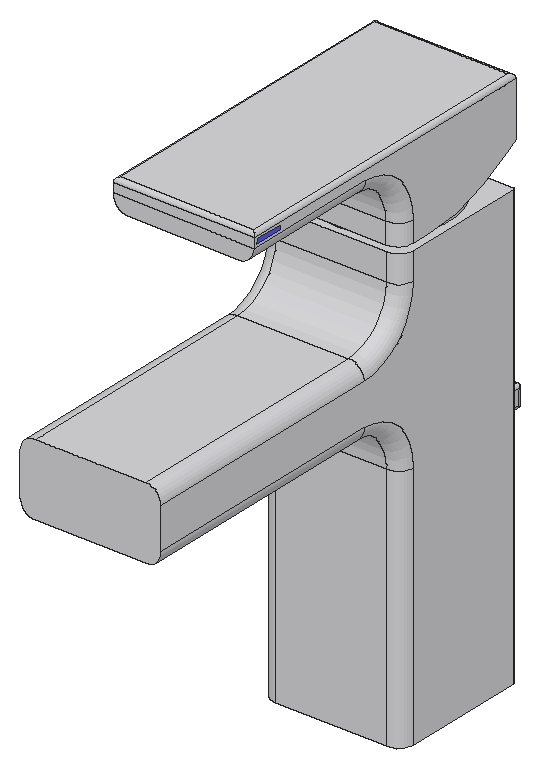
Revit family "Faucet-Lavatory-KOHLER-Strayt-K-37327M", category Plumbing Fixtures, host Face, Revit 2017
Family settings
  Host = Face
  Round Connector Dimension = Use Diameter
  Part Type = Normal
  OmniClass Number = 23.31.11.00
  Cut with Voids When Loaded = No
  Shared = No
  Room Calculation Point = No
Parameters (values of type "CP-Polished Chrome")
  Width = 1.81102"  # constant formula
  WaterSense Certified = 1 = 0  # no
  Waste Water Outlet = "Waste Water Outlet"  # constant formula
  Waste Connection = 1 = 0  # no
  Vent Connection = 1 = 0  # no
  URL = "https://la.kohler.com/es?country=MX"
  Type = 1
  Spout Reach = Length  # 4.01575"
  Product Page URL = "https://la.kohler.com/es/product-detail/37327m-4?skuid=K-37327M-4-CP"
  Product Name = "Strayt"  # constant formula
  Product Documentation Link = "http://resources.kohler.com/plumbing/kohlerla/pdf/37327T-4%20STRAYT%20Spec%20Sheet.pdf"
  Pressure = 0.00 psi
  Model = "K-37327M-4-CP"  # constant formula
  Material = "Solid Brass Construction"  # constant formula
  Master Format 2014 Name = "Residential Faucets, Supplies, and Trim"  # constant formula
  Master Format 2014 = "22 41 39"  # constant formula
  Manufacturer Address = "KOHLER Co. 444 Highland Dr. Kohler, WI 53044"  # constant formula
  Manufacturer = "KOHLER Co."  # constant formula
  Length = 4.01575"  # constant formula
  Hot Water Inlet = "Hot Water Inlet"  # constant formula
  Height = 7.00787"  # constant formula
  Handle Clearance = 3.2689"  # constant formula
  HW Connection = 1 = 1  # yes
  Flow Rate = 2.38 GPM  # constant formula
  Finish = Kohler-Metal-CP-Polished_Chrome
  Faucet Hole Spacing = 0"
  Environmental Product Declaration = ""
  Drain Included = 1 = 1  # yes
  Description = "Strayt single lever basin mixer"  # constant formula
  Default Elevation = 36"
  Declare Label = ""
  Date Modified = "09/15/2020"  # constant formula
  Date Created = "09/15/2020"  # constant formula
  Copyright = "Copyright KOHLER Co."  # constant formula
  Contact Us = "https://la.kohler.com/es/contact-us-page"
  Cold Water Inlet = "Cold Water Inlet"  # constant formula
  CW Connection = 1 = 1  # yes
  Assembly Code = "D2010"
  ADA Compliant = 1 = 0  # no
Reference planes (in)
  plane 1 "Center (Front/Back)": y = 0
  plane 2: z = 0
  plane 3 "Center (Left/Right)": x = 0
  plane 4: y = -0.90551
  plane 5: y = 0.90551
  plane 6: y = -4.76563
  plane 7: z = 3.8189
  plane 8: y = -4.01575
  plane 9: y = -3.2689
  plane 10: z = 7.00787
  plane 11: x = -0.90551
  plane 12: x = 0.90551
  plane 13: x = -0.90551
  plane 14: x = 0.39453
  plane 15: x = -0.39453
Dimensions and locks (in)
  locked: plane 7 to level at 3.8189
  "Height": plane 10 to level
  "Length": plane 8 to plane 1 "Center (Front/Back)"
  "Handle Clearance": plane 9 to plane 1 "Center (Front/Back)"
  locked: plane 6 to plane 1 "Center (Front/Back)" at 4.76562
  "Width": plane 13 to plane 12
  aligned and locked: plane 2 to host face
  aligned and locked: level to host face
  aligned and locked: plane 3 "Center (Left/Right)" to nested 1
  aligned and locked: plane 1 "Center (Front/Back)" to nested 1
  aligned and locked: plane 4 to nested 1
  aligned and locked: plane 5 to nested 1
  aligned and locked: plane 6 to nested 1
  aligned and locked: plane 7 to nested 1
  aligned and locked: plane 8 to nested 1
  aligned and locked: plane 9 to nested 1
  aligned and locked: plane 10 to nested 1
  aligned and locked: plane 11 to nested 1
  aligned and locked: plane 12 to nested 1
  aligned and locked: plane 11 to plane 13
  aligned and locked: plane 14 to nested 1
  aligned and locked: plane 15 to nested 1
Automatic sketch dimensions
  host sketch curve to host sketch curve = 96"  (x2)
Nested families (in)
  nested 1: "K-37327M" at (0, 0, 0), type "K-37327M"
Connectors (in)
  piping at (-0.39453, 0, 0), diameter 0.5, driven by "Flow Rate", driven by "HW Connection", driven by "Hot Water Inlet"
    settings: on nested 1, index 1, connector inside diameter 24", connector length 0", flow factor 0, pipe flow 2.38 GPM, pressure drop 0.00 psi, fitting loss kfactor 0, connector angle 0.00°, fixture units 0, engagement length 0", angle of deflection 0.00°, flow configuration 0, flow direction 1, fitting loss method 0, system type 19, joint type 0, gender type 0, connector reference index -1, connector utility 1, adjustable connector no, is connector primary yes, connector description "Hot Water Inlet"
  piping at (0.39453, 0, 0), diameter 0.5, driven by "CW Connection", driven by "Cold Water Inlet", driven by "Flow Rate"
    settings: on nested 1, index 2, connector inside diameter 24", connector length 0", flow factor 0, pipe flow 2.38 GPM, pressure drop 0.00 psi, fitting loss kfactor 0, connector angle 0.00°, fixture units 0, engagement length 0", angle of deflection 0.00°, flow configuration 0, flow direction 1, fitting loss method 0, system type 20, joint type 0, gender type 0, connector reference index -1, connector utility 1, adjustable connector no, is connector primary no, connector description "Cold Water Inlet"
Definition of nested family "K-37327M"
  Parameters (values of type "K-37327M")
    Material = none
  Reference planes (in)
    plane 1 "Center (Front/Back)": y = 0
    plane 2: z = 0
    plane 3 "Center (Left/Right)": x = 0
    plane 4: y = -4.76563
    plane 5: z = 7.00787
    plane 6: z = 3.8189
    plane 7: y = -4.01575
    plane 8: x = -0.39453
    plane 9: x = 0.39453
    plane 10: y = -3.26879
    plane 11: x = -0.90551
    plane 12: x = 0.90551
    plane 13: y = 0.90551
    plane 14: y = -0.90551
  Forms (in)
    Sweep 1, solid, material <- "Material", detail levels medium+fine
      path origin (0, 0, 0) x (0, 1, 0) y (0, 0, 1)
        loop
          line (0, 0) -> (0, 5.68504)
      profile origin (0, 0, 0) x (0, -1, 0) y (1, 0, 0)
        loop
          line (0.70861, -0.90551) -> (0.70861, 0.90551) -> (-0.88456, 0.90551)
          arc (-0.88456, 0.90551) -> (-0.89937, 0.89937) -> (-0.90551, 0.88456) r 0.02095
          line (-0.90551, 0.88456) -> (-0.90551, -0.88411)
          arc (-0.90551, -0.88411) -> (-0.89924, -0.89924) -> (-0.88411, -0.90551) r 0.0214
          line (-0.88411, -0.90551) -> (0.70861, -0.90551)
    Extrusion 2, solid, material <- "Material", detail levels medium+fine
      sketch origin (0, 0, 0) x (1, 0, 0) y (0, 0, 1)
        loop
          line (-0.90551, 4.52756) -> (-0.90551, 3.99606) -> (0.90551, 3.99606) -> (0.90551, 4.52756) -> (-0.90551, 4.52756)
      from 0 to 4.76563
    Sweep 3, solid, material <- "Material", detail levels medium+fine
      path origin (0, 0, 0) x (0, 1, 0) y (0, 0, 1)
        loop
          line (-4.76563, 3.99606) -> (-1.51589, 3.99606)
          arc (-1.51589, 3.99606) -> (-0.94506, 3.75962) -> (-0.70861, 3.18879) r 0.80727
          line (-0.70861, 3.18879) -> (-0.70861, 0)
      profile origin (0, -4.76563, 3.99606) x (0, 0, 1) y (1, 0, 0)
        loop
          arc (0, 0.90551) -> (-0.13919, 0.84786) -> (-0.19685, 0.70866) r 0.19685
          line (-0.19685, 0.70866) -> (-0.19685, -0.70866)
          arc (-0.19685, -0.70866) -> (-0.13919, -0.84786) -> (0, -0.90551) r 0.19685
          line (0, -0.90551) -> (0, 0.90551)
    Extrusion 4, solid, material <- "Material", detail levels medium+fine
      sketch origin (0, 0, 0) x (0, 1, 0) y (0, 0, 1)
        loop
          arc (-1.51589, 3.99606) -> (-0.94506, 3.75962) -> (-0.70861, 3.18879) r 0.80727
          line (-0.70861, 3.18879) -> (-0.70861, 3.99606) -> (-1.51589, 3.99606)
      from -0.90551 to 0.90551
    Sweep 5, solid, material <- "Material", detail levels medium+fine
      path origin (0, 0, 0) x (0, 1, 0) y (0, 0, 1)
        loop
          line (-0.70861, 5.68504) -> (-0.70861, 5.33521)
          arc (-0.70861, 5.33521) -> (-0.94517, 4.76412) -> (-1.51627, 4.52756) r 0.80765
          line (-1.51627, 4.52756) -> (-4.76563, 4.52756)
      profile origin (0, -4.76563, 4.52756) x (0, 0, -1) y (1, 0, 0)
        loop
          arc (0, 0.90551) -> (-0.13919, 0.84786) -> (-0.19685, 0.70866) r 0.19685
          line (-0.19685, 0.70866) -> (-0.19685, -0.70866)
          arc (-0.19685, -0.70866) -> (-0.13919, -0.84786) -> (0, -0.90551) r 0.19685
          line (0, -0.90551) -> (0, 0.90551)
    Extrusion 6, solid, material <- "Material", detail levels medium+fine
      sketch origin (0, 0, 0) x (0, 1, 0) y (0, 0, 1)
        loop
          arc (-0.70861, 5.33521) -> (-0.94517, 4.76412) -> (-1.51627, 4.52756) r 0.80765
          line (-1.51627, 4.52756) -> (-0.70861, 4.52756) -> (-0.70861, 5.33521)
      from -0.90551 to 0.90551
    Revolve 7, solid, material <- "Material", detail levels medium+fine
      sketch origin (0, 0, 0) x (0, 1, 0) y (0, 0, 1)
        loop
          line (0.00002, 5.68504) -> (0.80733, 5.68504) -> (0.80733, 5.76676)
          arc (0.80733, 5.76676) -> (0.782, 5.9592) -> (0.70772, 6.13852) r 0.74351
          line (0.70772, 6.13852) -> (0.00002, 6.13852) -> (0.00002, 5.68504)
        axis (0.00002, 5.68504) -> (0.00002, 6.13852)
      angle from 0 to 360
    Extrusion 8, solid, material <- "Material", detail levels medium+fine
      sketch origin (0, 0, 0) x (0, 1, 0) y (0, 0, 1)
        loop
          line (-3.26775, 6.94849) -> (-3.26879, 6.82976) -> (-1.49958, 6.82976)
          arc (-1.49958, 6.82976) -> (-0.94331, 6.59934) -> (-0.7129, 6.04307) r 0.78668
          line (-0.7129, 6.04307) -> (-0.7129, 5.77165) -> (-0.51181, 5.77165)
          arc (-0.51181, 5.77165) -> (0.17961, 5.87391) -> (0.81287, 6.16971) r 2.41721
          arc (0.81287, 6.16971) -> (0.86903, 6.20553) -> (0.92328, 6.24418) r 1.30364
          line (0.92328, 6.24418) -> (0.91726, 6.94849) -> (-3.26775, 6.94849)
      from -0.90551 to 0.90551
    Sweep 9, solid, material <- "Material", detail levels medium+fine
      path origin (0, 0, 0) x (0, 1, 0) y (0, 0, 1)
        loop
          line (-3.26879, 6.82976) -> (-1.49958, 6.82976)
          arc (-1.49958, 6.82976) -> (-0.94331, 6.59934) -> (-0.7129, 6.04307) r 0.78668
          line (-0.7129, 6.04307) -> (-0.7129, 5.77165)
      profile origin (0, -3.26879, 6.82976) x (0, 0, 1) y (1, 0, 0)
        loop
          arc (0, 0.90551) -> (-0.13853, 0.84611) -> (-0.19847, 0.70781) r 0.20403
          arc (-0.19847, 0.70781) -> (-0.20938, -0.00406) -> (-0.19847, -0.71592) r 23.23199
          arc (-0.19847, -0.71592) -> (-0.13807, -0.85137) -> (0, -0.90551) r 0.19561
          line (0, -0.90551) -> (0, 0.90551)
    Revolve 10, void
      sketch origin (0, 0, 0) x (0, 1, 0) y (0, 0, 1)
        loop
          line (1.25045, 2.51754) -> (0.33972, 0.372) -> (0.44665, 0.372) -> (1.34105, 2.47908) -> (1.25045, 2.51754)
        axis (1.25045, 2.51754) -> (0.33972, 0.372)
      angle from 0 to 360
    Revolve 11, solid, material <- "Material", detail levels medium+fine
      sketch origin (0, 0, 0) x (0, 1, 0) y (0, 0, 1)
        loop
          line (1.12119, 2.21301) -> (0.43741, 0.60212) -> (0.50087, 0.57519) -> (1.18465, 2.18607) -> (1.12119, 2.21301)
        axis (1.12119, 2.21301) -> (0.43741, 0.60212)
      angle from 0 to 360
    Extrusion 12, solid, material <- "Material", detail levels medium+fine
      sketch origin (0, 0, 0) x (0, 1, 0) y (0, 0, 1)
        loop
          line (1.205, 2.66236) -> (1.04597, 2.28771) -> (1.22717, 2.21079) -> (1.31492, 2.41752)
          arc (1.31492, 2.41752) -> (1.34395, 2.45243) -> (1.38743, 2.46551) r 0.07877
          line (1.38743, 2.46551) -> (1.92697, 2.46551) -> (1.92697, 2.66236) -> (1.205, 2.66236)
      from -0.1378 to 0.1378
    Sweep 13, solid, material <- "Material", detail levels medium+fine
      path origin (0, 0, 0) x (0, 1, 0) y (0, 0, 1)
        loop
          line (1.92697, 2.46551) -> (1.92697, 2.66236) -> (1.205, 2.66236) -> (1.04597, 2.28771) -> (1.22717, 2.21079) -> (1.31492, 2.41752)
          arc (1.31492, 2.41752) -> (1.34395, 2.45243) -> (1.38743, 2.46551) r 0.07877
          line (1.38743, 2.46551) -> (1.92697, 2.46551)
      profile origin (0, 1.92697, 2.66236) x (0, 0, -1) y (1, 0, 0)
        loop
          line (-0.03937, 0.09843) -> (-0.03937, -0.09843)
          arc (-0.03937, -0.09843) -> (-0.02784, -0.12626) -> (0, -0.1378) r 0.03937
          line (0, -0.1378) -> (0, 0.1378)
          arc (0, 0.1378) -> (-0.02784, 0.12626) -> (-0.03937, 0.09843) r 0.03937
    Extrusion 14, solid, detail levels medium+fine
      sketch origin (0, 0, 0) x (0, 1, 0) y (0, 0, 1)
        loop
          line (-2.86801, 6.91741) -> (-3.22556, 6.91741) -> (-3.22556, 6.86525) -> (-2.86801, 6.86525) -> (-2.86801, 6.91741)
      from -0.90551 to -0.78941
    Extrusion 15, void
      sketch origin (0, -0.75572, -0.64583) x (1, 0, 0) y (0, 0.984808, -0.173648)
        loop
          circle (0.00116, -3.97296) r 0.45314
      from 3.38024 to 4.12411
    Extrusion 16, solid, detail levels medium+fine
      sketch origin (1.69492, 0, 0) x (0, 1, 0) y (0, 0, 1)
        loop
          line (-2.86801, 6.91741) -> (-3.22556, 6.91741) -> (-3.22556, 6.86525) -> (-2.86801, 6.86525) -> (-2.86801, 6.91741)
      from -0.90551 to -0.78941
    Sweep 17, solid, material <- "Material", detail levels medium+fine
      path origin (0, 0, 0) x (1, 0, 0) y (0, 1, 0)
        loop
          line (-0.90551, 0.91722) -> (-0.90551, -3.26772) -> (0.90551, -3.26772) -> (0.90551, 0.91722) -> (-0.90551, 0.91722)
      profile origin (-0.90551, -1.17525, 0) x (1, 0, 0) y (0, 0, 1)
        loop
          line (0.55988, 7.00787) -> (0.05317, 7.00787)
          arc (0.05317, 7.00787) -> (0.01344, 6.99003) -> (0.00036, 6.94849) r 0.05317
          line (0.00036, 6.94849) -> (0.66274, 6.94849) -> (0.55988, 7.00787)
    Extrusion 18, void
      sketch origin (0, 0, 0) x (0, 1, 0) y (0, 0, 1)
        loop
          line (-2.86801, 6.91741) -> (-3.22556, 6.91741) -> (-3.22556, 6.86525) -> (-2.86801, 6.86525) -> (-2.86801, 6.91741)
      from -1.11877 to 1.04373
    Extrusion 19, solid, material <- "Material", detail levels medium+fine
      sketch origin (0, -3.2482, 6.94849) x (0, 1, 0) y (-1, 0, 0)
        loop
          line (3.77356, 0.55181) -> (0.27356, 0.55181) -> (0.27356, -0.69819) -> (3.77356, -0.69819) -> (3.77356, 0.55181)
      from -0.02964 to 0.05939
    Extrusion 20, solid, material <- "Material", detail levels medium+fine
      sketch origin (0, 0, 0) x (1, 0, 0) y (0, 1, 0)
        loop
          circle (-0.39453, 0) r 0.27559
        loop
          circle (0.39453, 0) r 0.27559
      from 0 to 0.11547
    Extrusion 21, solid, material <- "Material", detail levels coarse
      sketch origin (0, 0, 0) x (0, 1, 0) y (0, 0, 1)
        loop
          line (-3.26879, 6.62038) -> (-0.90551, 6.62038) -> (-0.90551, 4.72441) -> (-4.76563, 4.72441) -> (-4.76563, 3.8189) -> (-0.90546, 3.8189) -> (-0.90546, 0) -> (0.90551, 0) -> (0.90551, 7.00787) -> (-3.26879, 7.00787) -> (-3.26879, 6.62038)
      from -0.90551 to 0.90551
    Sweep 22, solid, material <- "Material", detail levels coarse
      path origin (0, 0, 0) x (0, 1, 0) y (0, 0, 1)
        loop
          line (0.67377, 1.08861) -> (1.2637, 2.54874) -> (2.10885, 2.54874)
      profile origin (0, 2.10885, 2.54874) x (0, 0, 1) y (1, 0, 0)
        loop
          circle (0, 0) r 0.11024
  Cuts and joins
    Revolve 10 cuts Sweep 1
    Extrusion 15 cuts Sweep 3
    Extrusion 18 cuts Extrusion 8
    joined: Sweep 1, Extrusion 2, Sweep 3, Extrusion 4, Sweep 5, Extrusion 6, Revolve 7, Extrusion 8, Sweep 9, Revolve 11, Extrusion 12, Sweep 13
    joined: Sweep 17, Extrusion 19
    joined: Extrusion 21, Sweep 22
  Lines and regions (in)
    Masking region 1
      outline origin (0, 0, 0) x (1, 0, 0) y (0, 0, 1)
        loop
          line (-0.80705, 5.68504) -> (-0.90551, 5.68504) -> (-0.90551, 0) -> (0.90551, 0) -> (0.90551, 5.68504) -> (0.80705, 5.68504) -> (0.80705, 5.77165) -> (0.90551, 5.77165) -> (0.90551, 6.94988)
          arc (0.90551, 6.94988) -> (0.88853, 6.99089) -> (0.84752, 7.00787) r 0.05799
          line (0.84752, 7.00787) -> (-0.8639, 7.00787)
          arc (-0.8639, 7.00787) -> (-0.89332, 6.99569) -> (-0.90551, 6.96626) r 0.04161
          line (-0.90551, 6.96626) -> (-0.90551, 5.77165) -> (-0.80705, 5.77165) -> (-0.80705, 5.68504)
    Masking region 2
      outline origin (0, 0, 0) x (0, 1, 0) y (0, 0, 1)
        loop
          line (0.88541, 5.68504) -> (0.80733, 5.68504) -> (0.80733, 5.76972)
          arc (0.80733, 5.76972) -> (0.78566, 5.94645) -> (0.72194, 6.11272) r 0.73159
          arc (0.72194, 6.11272) -> (0.82408, 6.1762) -> (0.92328, 6.24418) r 2.69795
          line (0.92328, 6.24418) -> (0.91692, 6.98825)
          arc (0.91692, 6.98825) -> (0.91106, 7.00214) -> (0.89713, 7.00787) r 0.01979
          line (0.89713, 7.00787) -> (-3.24725, 7.00787)
          arc (-3.24725, 7.00787) -> (-3.26144, 7.00203) -> (-3.26741, 6.98789) r 0.02016
          line (-3.26741, 6.98789) -> (-3.26879, 6.82976) -> (-3.26879, 6.62038) -> (-1.50008, 6.62038)
          arc (-1.50008, 6.62038) -> (-1.09151, 6.45114) -> (-0.92228, 6.04257) r 0.57781
          line (-0.92228, 6.04257) -> (-0.92228, 5.77165) -> (-0.80733, 5.77165) -> (-0.80733, 5.68504) -> (-0.8833, 5.68504)
          arc (-0.8833, 5.68504) -> (-0.89897, 5.67855) -> (-0.90546, 5.66288) r 0.02216
          line (-0.90546, 5.66288) -> (-0.90546, 5.33242)
          arc (-0.90546, 5.33242) -> (-1.08354, 4.90249) -> (-1.51347, 4.72441) r 0.60801
          line (-1.51347, 4.72441) -> (-4.74602, 4.72441)
          arc (-4.74602, 4.72441) -> (-4.75988, 4.71867) -> (-4.76563, 4.70481) r 0.0196
          line (-4.76563, 4.70481) -> (-4.76563, 3.84163)
          arc (-4.76563, 3.84163) -> (-4.75897, 3.82556) -> (-4.74289, 3.8189) r 0.02273
          line (-4.74289, 3.8189) -> (-1.54539, 3.8189)
          arc (-1.54539, 3.8189) -> (-1.09289, 3.63147) -> (-0.90546, 3.17897) r 0.63993
          line (-0.90546, 3.17897) -> (-0.90546, 0) -> (0.90551, 0) -> (0.90551, 1.52847) -> (1.18465, 2.18607) -> (1.22942, 2.16706)
          arc (1.22942, 2.16706) -> (1.24489, 2.16693) -> (1.25593, 2.17777) r 0.02021
          line (1.25593, 2.17777) -> (1.35132, 2.40251)
          arc (1.35132, 2.40251) -> (1.36562, 2.4197) -> (1.38702, 2.42614) r 0.03879
          line (1.38702, 2.42614) -> (1.93763, 2.42614)
          arc (1.93763, 2.42614) -> (1.95793, 2.43455) -> (1.96634, 2.45486) r 0.02872
          line (1.96634, 2.45486) -> (1.96634, 2.67934)
          arc (1.96634, 2.67934) -> (1.95978, 2.69517) -> (1.94395, 2.70173) r 0.02239
          line (1.94395, 2.70173) -> (1.20239, 2.70173)
          arc (1.20239, 2.70173) -> (1.18284, 2.69585) -> (1.16978, 2.68015) r 0.03542
          line (1.16978, 2.68015) -> (1.00233, 2.28567)
          arc (1.00233, 2.28567) -> (1.0022, 2.27002) -> (1.01317, 2.25886) r 0.02045
          line (1.01317, 2.25886) -> (1.05773, 2.23994) -> (0.90551, 1.88135) -> (0.90551, 5.66494)
          arc (0.90551, 5.66494) -> (0.89962, 5.67915) -> (0.88541, 5.68504) r 0.0201
    Masking region 3
      outline origin (0, 0, 0) x (1, 0, 0) y (0, 1, 0)
        loop
          line (-0.90551, 0.92308) -> (-0.90551, -4.76563) -> (0.90551, -4.76563) -> (0.90551, 0.92308) -> (0.06895, 0.92308) -> (0.06895, 0.99434)
          arc (0.06895, 0.99434) -> (0.11565, 0.99886) -> (0.1378, 1.04023) r 0.04972
          line (0.1378, 1.04023) -> (0.1378, 1.92697)
          arc (0.1378, 1.92697) -> (0.12626, 1.95481) -> (0.09843, 1.96634) r 0.03937
          line (0.09843, 1.96634) -> (-0.09843, 1.96634)
          arc (-0.09843, 1.96634) -> (-0.12626, 1.95481) -> (-0.1378, 1.92697) r 0.03937
          line (-0.1378, 1.92697) -> (-0.1378, 1.04059)
          arc (-0.1378, 1.04059) -> (-0.11569, 0.99912) -> (-0.06895, 0.99434) r 0.04995
          line (-0.06895, 0.99434) -> (-0.06895, 0.92308) -> (-0.90551, 0.92308)
    symbolic lines, detail levels medium+fine
      curve 1: arc (-0.90551, 0, 4.52756) -> (-0.84786, 0, 4.66675) -> (-0.70866, 0, 4.72441) r 0.19685
      curve 2: line (0.70866, 0, 4.72441) -> (-0.70866, 0, 4.72441)
      curve 3: arc (0.70866, 0, 4.72441) -> (0.84786, 0, 4.66675) -> (0.90551, 0, 4.52756) r 0.19685
      curve 4: line (-0.70267, 0, 3.8189) -> (0.70267, 0, 3.8189)
      curve 5: line (-0.80705, 0, 5.68504) -> (0.80705, 0, 5.68504)
      curve 6: arc (-0.90551, 0, 6.82976) -> (-0.85137, 0, 6.69169) -> (-0.71592, 0, 6.63129) r 0.19561
      curve 7: arc (-0.71592, 0, 6.63129) -> (-0.00406, 0, 6.62038) -> (0.70781, 0, 6.63129) r 23.23199
      curve 8: arc (0.70781, 0, 6.63129) -> (0.84611, 0, 6.69123) -> (0.90551, 0, 6.82976) r 0.20403
      curve 9: line (-0.80705, 0, 5.77165) -> (0.80705, 0, 5.77165)
      curve 10: arc (-0.70267, 0, 3.8189) -> (-0.8461, 0, 3.87831) -> (-0.90551, 0, 4.02174) r 0.20284
      curve 11: arc (0.70267, 0, 3.8189) -> (0.8461, 0, 3.87831) -> (0.90551, 0, 4.02174) r 0.20284
      curve 12: line (0, 0.80733, 5.68504) -> (0, -0.80733, 5.68504)
      curve 13: arc (0, -0.51601, 5.77165) -> (0, 0.12603, 5.85848) -> (0, 0.72194, 6.11272) r 2.41721
      curve 14: line (0, -0.51601, 5.77165) -> (0, -0.80733, 5.77165)
      curve 15: line (0, 0.90551, 1.88135) -> (0, 0.90551, 1.52847)
      curve 16: line (0, -2.86801, 6.91741) -> (0, -3.22556, 6.91741)
      curve 17: line (0, -2.86801, 6.86525) -> (0, -2.86801, 6.91741)
      curve 18: line (0, -3.22556, 6.86525) -> (0, -2.86801, 6.86525)
      curve 19: line (0, -3.22556, 6.91741) -> (0, -3.22556, 6.86525)
      curve 20: line (0.87758, -3.26879, 0) -> (-0.87758, -3.26879, 0)
      curve 21: arc (-0.90551, -3.23705, 0) -> (-0.89878, -3.25928, 0) -> (-0.87758, -3.26879, 0) r 0.02801
      curve 22: arc (0.90551, -3.23705, 0) -> (0.89878, -3.25928, 0) -> (0.87758, -3.26879, 0) r 0.02801
      curve 23: line (-0.06895, 0.99434, 0) -> (0.06895, 0.99434, 0)
      curve 24: line (-0.10148, 1.17894, 0) -> (0.10111, 1.17894, 0)
      curve 25: spline (-0.13742, 1.20499, 0) -> (-0.13757, 1.20195, 0) -> (-0.13705, 1.19893, 0) -> (-0.13587, 1.19598, 0) -> (-0.13405, 1.19314, 0) -> (-0.13161, 1.19045, 0) -> (-0.1286, 1.18796, 0) -> (-0.12505, 1.1857, 0) -> (-0.12103, 1.18371, 0) -> (-0.11659, 1.18201, 0) -> (-0.11181, 1.18064, 0) -> (-0.10674, 1.17961, 0) -> (-0.10148, 1.17894, 0)
      curve 26: spline (0.10111, 1.17894, 0) -> (0.10641, 1.17964, 0) -> (0.11152, 1.1807, 0) -> (0.11635, 1.18209, 0) -> (0.12084, 1.18381, 0) -> (0.1249, 1.18581, 0) -> (0.12848, 1.18808, 0) -> (0.13153, 1.19057, 0) -> (0.134, 1.19325, 0) -> (0.13584, 1.19607, 0) -> (0.13704, 1.199, 0) -> (0.13756, 1.20198, 0) -> (0.13742, 1.20498, 0)
      curve 27: line (-0.06895, 0.92308, 0) -> (0.06895, 0.92308, 0)
      curve 28: line (0, 1.18465, 2.18607) -> (0, 1.05773, 2.23994)
  Dimensions and locks (in)
    locked: plane 12 to plane 11 at 1.81102
    locked: plane 6 to level at 3.8189
    locked: plane 10 to plane 1 "Center (Front/Back)" at 3.26879
    locked: plane 7 to plane 1 "Center (Front/Back)" at 4.01575
    locked: plane 5 to level at 7.00787
    aligned and locked: plane 2 to level
